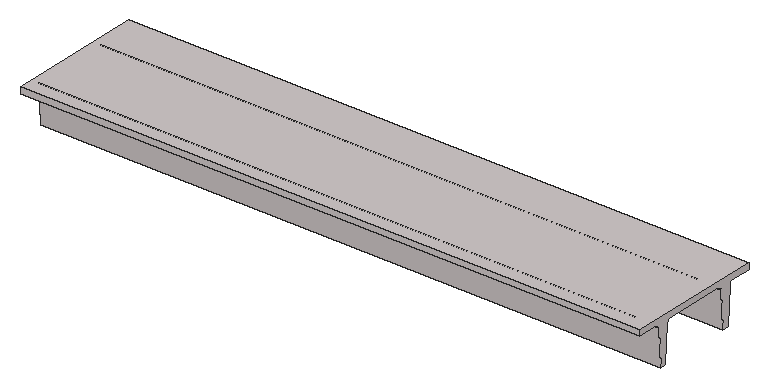
Revit family "Roof-Deck_Precast", category Structural Framing, Revit 2011
Parameters (values of type "18" Double-T")
  Width = 1' - 6"
  Warranty Duration (Years) = 5
  Test Data = ""
  Specification = "http://www.arcat.com/divs/sec/sec03410.shtml"
  Span Rating = 26' - 0"
  Leg Separation = Width / 3.5  # 0' - 5.14286"
  Sales Information = ""
  Product Properties = "http://www.arcat.com/bim/bim_info.pl?fn=Roof-Deck_Precast"
  Product Data = "http://www.arcat.com/divs/sec/sec03410.shtml"
  Model = "Generic"  # constant formula
  Manufacturer Website = "http://www.arcat.com/"
  Manufacturer Phone - Toll Free = ""
  Manufacturer Phone = "(203) 929-9444"  # constant formula
  Manufacturer Fax = "(203) 939-2444"  # constant formula
  Manufacturer Email = "bim@arcat.com"  # constant formula
  Manufacturer Address = "1077 Bridgeport Ave, Shelton, CT  06484"  # constant formula
  Manufacturer = "Generic"  # constant formula
  Maintenance Schedule (Months) = 0
  Keynote = "03410"
  Installation_Fabricaton = ""
  Installation Phase = ""
  Green Building-LEED = "http://www.arcat.com/green/green_building.shtml"
  Expected Lifespan (Years) = 50
  Drawn By = "Robert S. Weygant. CSI, CDT, SCIP"  # constant formula
  Description = "18\" Wide Precast Double-T Roof Deck "
  Depth = Width / 3  # 0' - 6"
  Copyright = "2008, ARCAT, Inc."  # constant formula
  Construction Details = "http://www.arcat.com/divs/sec/sec03410.shtml"
  Concrete Type = ARCAT - Concrete - Precast_5000psi
  Compressive Strength = 5000.00 psi
  Building Codes = ""
  Assembly Code = "B1020342"
Types (3): name | Width | Leg Separation | Description | Depth
  10" Double-T | 0' - 10" | 0' - 2.85714" | "10\" Wide Precast Double-T Roof Deck " | 0' - 3.33333"
  12" Double-T | 1' - 0" | 0' - 3.42857" | "12\" Wide Precast Double-T Roof Deck " | 0' - 4"
  18" Double-T | 1' - 6" | 0' - 5.14286" | "18\" Wide Precast Double-T Roof Deck " | 0' - 6"
Reference planes (in)
  plane 1 "Center (Front/Back)": y = 0
  plane 2: z = 0
  plane 3 "Center (Left/Right)": x = -29.12109
  plane 4 "Side": x = 11.87891
  plane 5: x = -70.12109
  plane 6: y = -9
  plane 7: y = 9
  plane 8: z = -6
  plane 9: y = 5.14286
  plane 10: y = -5.14286
Forms (in)
  Extrusion 1, solid, material "ARCAT - Concrete - Precast_5000psi" <- "Concrete Type"
    sketch origin (16.87891, 0, 0) x (0, 1, 0) y (0, 0, 1)
      loop
        line (9, 0) -> (-9, 0) -> (-9, -0.7874) -> (-6.26158, -0.7874)
        arc (-6.26158, -0.7874) -> (-5.99308, -0.89317) -> (-5.86884, -1.15364) r 0.3937
        line (-5.86884, -1.15364) -> (-5.53656, -6) -> (-4.74916, -6) -> (-4.41783, -1.16737)
        arc (-4.41783, -1.16737) -> (-4.29359, -0.9069) -> (-4.02509, -0.80113) r 0.3937
        line (-4.02509, -0.80113) -> (4.02509, -0.80113)
        arc (4.02509, -0.80113) -> (4.29359, -0.9069) -> (4.41783, -1.16737) r 0.3937
        line (4.41783, -1.16737) -> (4.74916, -6) -> (5.53656, -6) -> (5.86884, -1.15364)
        arc (5.86884, -1.15364) -> (5.99308, -0.89317) -> (6.26158, -0.7874) r 0.3937
        line (6.26158, -0.7874) -> (9, -0.7874) -> (9, 0)
    from -87 to -5
Dimensions and locks (in)
  equal spacing: plane 5, plane 3 "Center (Left/Right)", plane 4 "Side"
  equal spacing: plane 6, plane 1 "Center (Front/Back)", plane 7
  "Width": plane 6 to plane 7
  "Depth": level to plane 8
  "Leg Separation": plane 9 to plane 1 "Center (Front/Back)"
  "Leg Separation": plane 1 "Center (Front/Back)" to plane 10
  Extrusion 1 sketch curve to plane 9 to Extrusion 1 sketch curve = 0' - 0.3937" locked, 0' - 0.3937" locked
  Extrusion 1 sketch curve to plane 10 to Extrusion 1 sketch curve = 0' - 0.3937" locked, 0' - 0.3937" locked
  Extrusion 1 sketch curve to plane 9 to Extrusion 1 sketch curve = 0' - 1.11873" locked, 0' - 1.11777" locked
  Extrusion 1 sketch curve to plane 10 to Extrusion 1 sketch curve = 0' - 1.11777" locked, 0' - 1.11873" locked
  aligned and locked: plane 4 "Side" to Extrusion 1
  aligned and locked: Extrusion 1 to plane 5
Automatic sketch dimensions
  Extrusion 1 sketch curve to level = 0' - 0"
  Extrusion 1 sketch curve to plane 6 = 0' - 0"
  Extrusion 1 sketch curve to plane 8 = 0' - 0"  (x2)
  Extrusion 1 sketch curve to plane 7 = 0' - 0"
  Extrusion 1 sketch curve to level = 0' - 0.7874"
  Extrusion 1 sketch curve to level = 0' - 1.15364"  (x2)
  Extrusion 1 sketch curve to Extrusion 1 sketch curve = 0' - 0.39274"  (x3)
  Extrusion 1 sketch curve to Extrusion 1 sketch curve = 0' - 1.45101"
  Extrusion 1 sketch curve to level = 0' - 0.80113"
  Extrusion 1 sketch curve to level = 0' - 1.16737"
  Extrusion 1 sketch curve to Extrusion 1 sketch curve = 0' - 0.3937"
  Extrusion 1 sketch curve to Extrusion 1 sketch curve = 0' - 0.02746"
